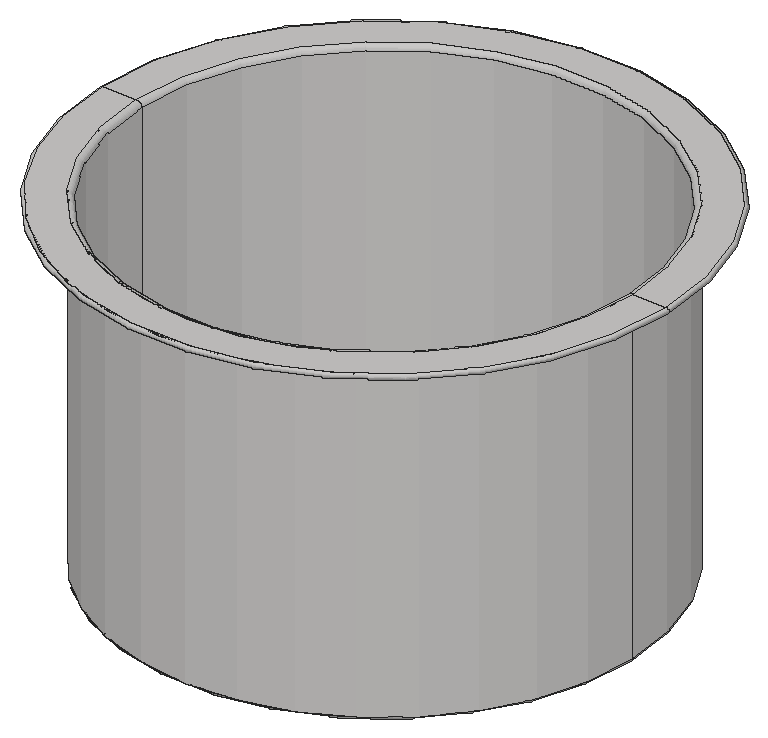
Revit family "rba-bim-B532", category Generic Models, Revit 2018
Family settings
  Can host rebar = No
  Round Connector Dimension = Use Diameter
  Part Type = Normal
  OmniClass Number = 23.40.20.21.17
  OmniClass Title = Paper Towel Dispensers, Disposal Units
  Work Plane-Based = No
  Always vertical = No
  Cut with Voids When Loaded = No
  Shared = Yes
  Room Calculation Point = No
Parameters (values of type "B532")
  URL = "http://www.bobrick.com/"
  Revised Date = "5/28/2015"
  Product URL = "http://www.bobrick.com/washroomaccessories/Pages/ProductDetails.aspx?Product+Number%3DB-532"
  Phone # = "416.250.5656"
  Modified Issue = "20220323.01"
  Model = "B532"
  Materials and Finishes = Satin Finish Stainless Steel
  Manufacturer = "Bobrick Washroom Equipment, Inc."
  Keynote = "Satin-finish stainless steel. Flat flange suitable for counter, recessed or under-counter installation. Provides access to under-counter waste receptacle (not included). Outer Dia 6-3/16\" (173mm), Inner Dia 5-5/16\" (151mm), Recess 3-7/8\" (98mm)."
  Designed By = "ATS BIM Team"
  Description = "Countertop Mounted Circular Waste Chute, Satin"
  Copyright by = "RBA Group"  # constant formula
  Assembly Code = "E2020200"
Reference planes
  plane 1 "Center (Front/Back)": y = 0
  plane 2: z = 0
  plane 3 "Center (Left/Right)": x = 0
  plane 4: z = -98.425
  plane 5: x = -75.406
  plane 6: x = 75.406
  plane 7: z = 1.587
  plane 8: x = -86.5
  plane 9: x = 86.5
Forms (mm)
  Revolve 1, solid, material "Stainless Steel"
    sketch origin (0, 0, 0) x (1, 0, 0) y (0, 0, 1)
      loop
        line (-73.838, -97.631) -> (-73.838, 0.019)
        arc (-73.838, 0.019) -> (-74.297, 1.128) -> (-75.406, 1.588) r 1.568
        line (-75.406, 1.588) -> (-85.725, 1.588)
        arc (-85.725, 1.588) -> (-86.519, 0.794) -> (-85.725, 0) r 0.794
        line (-85.725, 0) -> (-75.406, 0) -> (-75.406, -97.804)
        arc (-75.406, -97.804) -> (-74.544, -98.42) -> (-73.838, -97.631) r 0.794
      axis (0, -97.804) -> (0, 1.588)
    angle from 0 to 360
